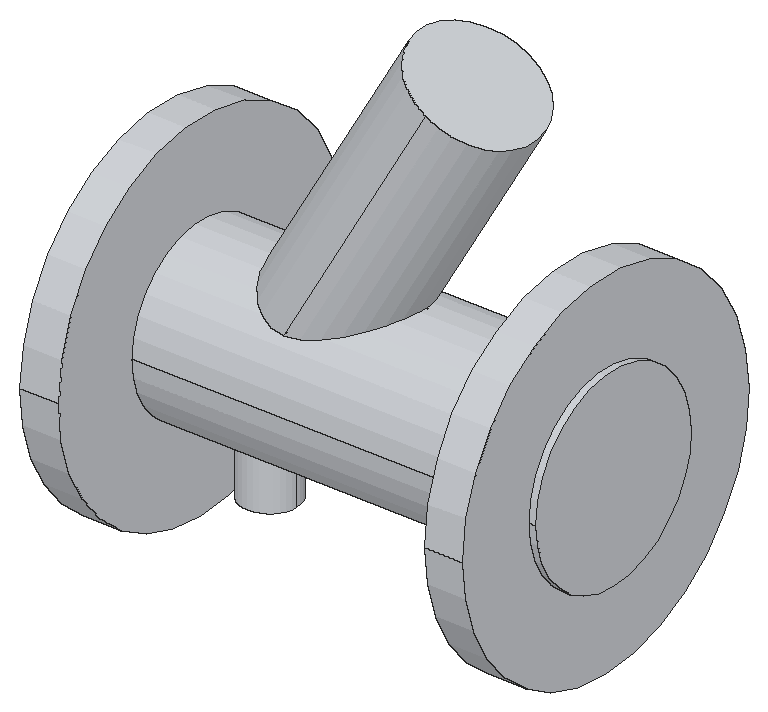
Revit family "HS 821-síto_jemné-PN25-DN032-RFA_2018", category Pipe Accessories, Revit 2018
Family settings
  Round Connector Dimension = Use Diameter
  Part Type = Breaks Into
  Work Plane-Based = No
  Always vertical = Yes
  Cut with Voids When Loaded = No
  Shared = No
Parameters (values of type "821D-DN032-PN25-síto_jemné")
  magiProductId = "6be9a55c4e68400f94eec7e804204c"
  magiProductFamilyId = "79214ac3aaa945e397802f559f5c1e"
  magiPartTypeId = 307
  isMeasuringValve [instance] = no
  ang2D [instance] = 0.00°
  ZB__ve = -ZB  # -23 mm
  ZB1 = 30.78 mm
  ZB = 23 mm
  X2 = 68.849 mm
  X1 = 25.2 mm
  W2D = 15 mm
  VersionID = "2.0/2017.9.26.1/ZETKAMA_821_001"
  Use Minimum Symbol Size [instance] = yes
  URL = "www.hydronic.cz"
  Type Comments = "Filtr přírubový; síto jemné; A-PN16 (-10~300°C); D-PN25 (-10~350°C); F-PN40 (-10~400°C)"
  S = 76 mm
  QmdConnectorList = "301;D;302;D"
  Productdata [instance] = ""
  Manufacturer = "Hydronic Systems Prague s.r.o."
  MC Product Code = "210 232 (821D; DN032; PN25; kvs23,1; oko síta 0,63mm)"
  LM1 = 14.4 mm
  LM = 144 mm
  L4 = 45 mm
  L2D_Min = 3048 mm
  L2D = 130 mm
  L2 = 90 mm
  HH2 = 119.25 mm
  FD = 140 mm
  Description = "Filtr přírubový; síto jemné; 821A-PN16; 821D-PN25; 821F-PN40"
  DM1 = 50.4 mm
  DM = 68.4 mm
  D = 32 mm
  CC = 3.06 mm
  CAT0 = yes
  C1 = 14.94 mm
  C = 18 mm
  BD = 21.546 mm
Types (40, lengths in mm): name | magiProductId | ZB__ve | ZB1 | ZB | X2 | X1 | S | MC Product Code | LM1 | LM | L4 | L2 | HH2 | FD | DM1 | DM | D | CC | C1 | C | BD
  821A-DN015-PN16-síto_jemné | "a71bcfe8b393460598b23e8ddf7dc5" | -16.25 | 18.63 | 16.25 | 46.982 | 18.2 | 46 | "210 115 (821A; DN015; PN16; kvs6,2; oko síta 0,63mm)" | 10.4 | 104 | 32.5 | 65 | 81.375 | 95 | 27.6 | 41.4 | 15 | 2.21 | 10.79 | 13 | 13.041
  821A-DN020-PN16-síto_jemné | "41cd6c7a12924f4991217528336076" | -17.75 | 22.68 | 17.75 | 51.673 | 21 | 56 | "210 120 (821A; DN020; PN16; kvs9,6; oko síta 0,63mm)" | 12 | 120 | 37.5 | 75 | 89.5 | 105 | 33.6 | 50.4 | 20 | 2.55 | 12.45 | 15 | 15.876
  821A-DN025-PN16-síto_jemné | "be378b463ed14c3abf4c9b3ae8cf3a" | -19.25 | 26.325 | 19.25 | 58.601 | 22.4 | 65 | "210 125 (821A; DN025; PN16; kvs14,2; oko síta 0,63mm)" | 12.8 | 128 | 40 | 80 | 101.5 | 115 | 43.2 | 58.5 | 25 | 2.72 | 13.28 | 16 | 18.427
  821A-DN032-PN16-síto_jemné | "227a0d18b21540afabe8b6067d35fa" | -23 | 30.78 | 23 | 68.849 | 25.2 | 76 | "210 132 (821A; DN032; PN16; kvs23,1; oko síta 0,63mm)" | 14.4 | 144 | 45 | 90 | 119.25 | 140 | 50.4 | 68.4 | 32 | 3.06 | 14.94 | 18 | 21.546
  821A-DN040-PN16-síto_jemné | "d106917c74724141a10440112d0102" | -24.5 | 34.02 | 24.5 | 75.777 | 28 | 84 | "210 140 (821A; DN040; PN16; kvs36,6; oko síta 0,63mm)" | 16 | 160 | 50 | 100 | 131.25 | 150 | 60 | 75.6 | 40 | 3.4 | 16.6 | 20 | 23.814
  821A-DN050-PN16-síto_jemné | "8255d456a09e4f6486734f5dd9171b" | -26.75 | 40.095 | 26.75 | 79.061 | 32.2 | 99 | "210 150 (821A; DN050 PN16; kvs53,7; oko síta 0,63mm)" | 18.4 | 184 | 57.5 | 115 | 136.938 | 165 | 73.8 | 89.1 | 50 | 3.91 | 19.09 | 23 | 28.066
  821A-DN065-PN16-síto_jemné | "235b1b3e4c0843779a4d5e3716d40a" | -29.75 | 47.79 | 29.75 | 86.927 | 40.6 | 118 | "210 165 (821A; DN065; PN16; kvs95,1; oko síta 0,63mm)" | 23.2 | 232 | 72.5 | 145 | 150.562 | 185 | 94.2 | 106.2 | 65 | 4.93 | 24.07 | 29 | 33.453
  821A-DN080-PN16-síto_jemné | "a067f7c5236348ed8c820d16df7214" | -32 | 53.46 | 32 | 104.753 | 43.4 | 132 | "210 180 (821A; DN080; PN16; kvs137,1; oko síta 0,63mm)" | 24.8 | 248 | 77.5 | 155 | 181.438 | 200 | 107.4 | 118.8 | 80 | 5.27 | 25.73 | 31 | 37.422
  821A-DN100-PN16-síto_jemné | "c49a648c2747461285837d643703cd" | -35 | 63.18 | 35 | 114.857 | 49 | 156 | "210 190 (821A; DN100; PN16; kvs206,4; oko síta 0,63mm)" | 28 | 280 | 87.5 | 175 | 198.937 | 220 | 131.4 | 140.4 | 100 | 5.95 | 29.05 | 35 | 44.226
  821A-DN125-PN16-síto_jemné | "bf68e728a163493cbd2a663b26ebdc" | -39.5 | 74.52 | 39.5 | 131.888 | 56 | 184 | "210 191 (821A; DN125; PN16; kvs268,8; oko síta 0,63mm)" | 32 | 320 | 100 | 200 | 228.438 | 250 | 165 | 165.6 | 125 | 6.8 | 33.2 | 40 | 52.164
  821A-DN150-PN16-síto_jemné | "2de770284b654863ae6bc865769dc5" | -44.75 | 85.455 | 44.75 | 155.885 | 67.2 | 211 | "210 192 (821A; DN150; PN16; kvs401,4; oko síta 0,63mm)" | 38.4 | 384 | 120 | 240 | 270 | 285 | 192 | 189.9 | 150 | 8.16 | 39.84 | 48 | 59.818
  821A-DN200-PN16-síto_jemné | "8e5693371ab64aabb29a7f08c76e15" | -53 | 107.73 | 53 | 188.361 | 84 | 266 | "210 193 (821A; DN200; PN16; kvs706,7; oko síta 0,63mm)" | 48 | 480 | 150 | 300 | 326.25 | 340 | 252 | 239.4 | 200 | 10.2 | 49.8 | 60 | 75.411
  821A-DN250-PN16-síto_jemné | "05e37ed948c34047acdd4c42556504" | -62.75 | 129.195 | 62.75 | 255.911 | 102.2 | 319 | "210 194 (821A; DN250; PN16; kvs1229,4; oko síta 0,63mm)" | 58.4 | 584 | 182.5 | 365 | 443.25 | 405 | 309.6 | 287.1 | 250 | 12.41 | 60.59 | 73 | 90.436
  821A-DN300-PN16-síto_jemné | "9ad0af747269428da925480d83ce80" | -71 | 149.85 | 71 | 325.914 | 119 | 370 | "210 195 (821A; DN300; PN16; kvs1902,4; oko síta 0,63mm)" | 68 | 680 | 212.5 | 425 | 564.5 | 460 | 369.6 | 333 | 300 | 14.45 | 70.55 | 85 | 104.895
  821A-DN350-PN16-síto_jemné | "eebc71459bb3451bb4355e7951370a" | -80 | 173.745 | 80 | 356.875 | 137.2 | 429 | "200 196 (821A; DN350; PN16; kvs2611,0; oko síta 0,63mm)" | 78.4 | 784 | 245 | 490 | 618.125 | 520 | 438 | 386.1 | 350 | 16.66 | 81.34 | 98 | 121.621
  821A-DN400-PN16-síto_jemné | "d2f677cb196647e385b2590e7d8abe" | -89 | 194.4 | 89 | 392.237 | 154 | 480 | "210 197 (821A; DN400; PN16; kvs3438,4; oko síta 0,63mm)" | 88 | 880 | 275 | 550 | 679.375 | 580 | 498 | 432 | 400 | 18.7 | 91.3 | 110 | 136.08
  821D-DN015-PN25-síto_jemné | "27ddcbf555414f8ca1fde329bf9087" | -16.25 | 18.63 | 16.25 | 46.982 | 18.2 | 46 | "210 215 (821D; DN015; PN25; kvs6,2; oko síta 0,63mm)" | 10.4 | 104 | 32.5 | 65 | 81.375 | 95 | 27.6 | 41.4 | 15 | 2.21 | 10.79 | 13 | 13.041
  821D-DN020-PN25-síto_jemné | "270e0f14012f47189cd0235c18faee" | -17.75 | 22.68 | 17.75 | 51.673 | 21 | 56 | "210 220 (821D; DN020; PN25; kvs9,6; oko síta 0,63mm)" | 12 | 120 | 37.5 | 75 | 89.5 | 105 | 33.6 | 50.4 | 20 | 2.55 | 12.45 | 15 | 15.876
  821D-DN025-PN25-síto_jemné | "b9a7fb4aa36643878c637d8e1ab992" | -19.25 | 26.325 | 19.25 | 58.601 | 22.4 | 65 | "210 225 (821D; DN025; PN25; kvs14,2; oko síta 0,63mm)" | 12.8 | 128 | 40 | 80 | 101.5 | 115 | 43.2 | 58.5 | 25 | 2.72 | 13.28 | 16 | 18.427
  821D-DN032-PN25-síto_jemné | "6be9a55c4e68400f94eec7e804204c" | -23 | 30.78 | 23 | 68.849 | 25.2 | 76 | "210 232 (821D; DN032; PN25; kvs23,1; oko síta 0,63mm)" | 14.4 | 144 | 45 | 90 | 119.25 | 140 | 50.4 | 68.4 | 32 | 3.06 | 14.94 | 18 | 21.546
  821D-DN040-PN25-síto_jemné | "c54511bd7f584ec2984291479612cb" | -24.5 | 34.02 | 24.5 | 75.777 | 28 | 84 | "210 240 (821D; DN040; PN25; kvs36,6; oko síta 0,63mm)" | 16 | 160 | 50 | 100 | 131.25 | 150 | 60 | 75.6 | 40 | 3.4 | 16.6 | 20 | 23.814
  821D-DN050-PN25-síto_jemné | "5483b1f596b04cd39b23a14a22c90e" | -26.75 | 40.095 | 26.75 | 79.061 | 32.2 | 99 | "210 250 (821D; DN050; PN25; kvs53,7; oko síta 0,63mm)" | 18.4 | 184 | 57.5 | 115 | 136.938 | 165 | 73.8 | 89.1 | 50 | 3.91 | 19.09 | 23 | 28.066
  821D-DN065-PN25-síto_jemné | "767b0f8318e94750bc7a9930ed5b30" | -29.75 | 47.79 | 29.75 | 86.927 | 40.6 | 118 | "210 265 (821D; DN065; PN25; kvs95,1; oko síta 0,63mm)" | 23.2 | 232 | 72.5 | 145 | 150.562 | 185 | 94.2 | 106.2 | 65 | 4.93 | 24.07 | 29 | 33.453
  821D-DN080-PN25-síto_jemné | "e21040fa3cc2404b858198f6b73709" | -32 | 53.46 | 32 | 104.753 | 43.4 | 132 | "210 280 (821D; DN080; PN25; kvs137,1; oko síta 0,63mm)" | 24.8 | 248 | 77.5 | 155 | 181.438 | 200 | 107.4 | 118.8 | 80 | 5.27 | 25.73 | 31 | 37.422
  821D-DN100-PN25-síto_jemné | "175ca87a506b40b3bc6b82f12f33cf" | -37.25 | 63.18 | 37.25 | 114.857 | 49 | 156 | "210 290 (821D; DN100; PN25; kvs206,4; oko síta 0,63mm)" | 28 | 280 | 87.5 | 175 | 198.937 | 235 | 131.4 | 140.4 | 100 | 5.95 | 29.05 | 35 | 44.226
  821D-DN125-PN25-síto_jemné | "77cc98d60da24855999a22dff726b2" | -42.5 | 74.52 | 42.5 | 131.888 | 56 | 184 | "210 291 (821D; DN125; PN25; kvs268,8; oko síta 0,63mm)" | 32 | 320 | 100 | 200 | 228.438 | 270 | 165 | 165.6 | 125 | 6.8 | 33.2 | 40 | 52.164
  821D-DN150-PN25-síto_jemné | "9cf8acfcd15547d68e83172d3abcbe" | -47 | 85.455 | 47 | 155.885 | 67.2 | 211 | "210 292 (821D; DN150; PN25; kvs401,4; oko síta 0,63mm)" | 38.4 | 384 | 120 | 240 | 270 | 300 | 192 | 189.9 | 150 | 8.16 | 39.84 | 48 | 59.818
  821D-DN200-PN25-síto_jemné | "16973f3c9ea14389ba8602495a6b64" | -56 | 110.97 | 56 | 188.361 | 84 | 274 | "210 293 (821D; DN200; PN25; kvs706,7; oko síta 0,63mm)" | 48 | 480 | 150 | 300 | 326.25 | 360 | 252 | 246.6 | 200 | 10.2 | 49.8 | 60 | 77.679
  821F-DN015-PN40-síto_jemné | "4c7eaf3c4c0340888b3e684d8a8616" | -16.25 | 18.225 | 16.25 | 46.982 | 18.2 | 45 | "250 615 (821F; DN015; PN40; kvs6,2; oko síta 0,63mm)" | 10.4 | 104 | 32.5 | 65 | 81.375 | 95 | 27.6 | 40.5 | 15 | 2.21 | 10.79 | 13 | 12.757
  821F-DN020-PN40-síto_jemné | "aaac5f1ec96b44d6ba96ac2293d66d" | -17.75 | 23.49 | 17.75 | 51.673 | 21 | 58 | "250 620 (821F; DN020; PN40; kvs9,6; oko síta 0,63mm)" | 12 | 120 | 37.5 | 75 | 89.5 | 105 | 33.6 | 52.2 | 20 | 2.55 | 12.45 | 15 | 16.443
  821F-DN025-PN40-síto_jemné | "504768023968471481789485b54c7e" | -19.25 | 27.54 | 19.25 | 58.601 | 22.4 | 68 | "250 625 (821F; DN025; PN40; kvs14,2; oko síta 0,63mm)" | 12.8 | 128 | 40 | 80 | 101.5 | 115 | 43.2 | 61.2 | 25 | 2.72 | 13.28 | 16 | 19.278
  821F-DN032-PN40-síto_jemné | "165e7f39cf744f329bdf1c400dad12" | -23 | 31.59 | 23 | 68.849 | 25.2 | 78 | "250 632 (821F; DN032; PN40; kvs23,1; oko síta 0,63mm)" | 14.4 | 144 | 45 | 90 | 119.25 | 140 | 50.4 | 70.2 | 32 | 3.06 | 14.94 | 18 | 22.113
  821F-DN040-PN40-síto_jemné | "b8903f952089408fbf3a5a632bab1f" | -24.5 | 35.64 | 24.5 | 75.777 | 28 | 88 | "250 640 (821F; DN040; PN40; kvs36,6; oko síta 0,63mm)" | 16 | 160 | 50 | 100 | 131.25 | 150 | 60 | 79.2 | 40 | 3.4 | 16.6 | 20 | 24.948
  821F-DN050-PN40-síto_jemné | "c451f97266fe48da8f879cb6a2bd44" | -26.75 | 41.31 | 26.75 | 79.061 | 32.2 | 102 | "250 650 (821F; DN050; PN40; kvs53,7; oko síta 0,63mm)" | 18.4 | 184 | 57.5 | 115 | 136.938 | 165 | 73.8 | 91.8 | 50 | 3.91 | 19.09 | 23 | 28.917
  821F-DN065-PN40-síto_jemné | "dc9821e3f9b34e128f6a8c6b34c198" | -29.75 | 49.41 | 29.75 | 86.927 | 40.6 | 122 | "250 665 (821F; DN065; PN40; kvs95,1; oko síta 0,63mm)" | 23.2 | 232 | 72.5 | 145 | 150.562 | 185 | 94.2 | 109.8 | 65 | 4.93 | 24.07 | 29 | 34.587
  821F-DN080-PN40-síto_jemné | "689aa1e260f84cf4994f027a1d86b5" | -32 | 55.89 | 32 | 104.753 | 43.4 | 138 | "250 680 (821F; DN080; PN40; kvs137,1; oko síta 0,63mm)" | 24.8 | 248 | 77.5 | 155 | 181.438 | 200 | 107.4 | 124.2 | 80 | 5.27 | 25.73 | 31 | 39.123
  821F-DN100-PN40-síto_jemné | "8a45d4e8e2ab425f8c432f21d684f3" | -37.25 | 65.61 | 37.25 | 114.857 | 49 | 162 | "250 690 (821F; DN100; PN40; kvs206,4; oko síta 0,63mm)" | 28 | 280 | 87.5 | 175 | 198.937 | 235 | 131.4 | 145.8 | 100 | 5.95 | 29.05 | 35 | 45.927
  821F-DN125-PN40-síto_jemné | "cf073904c006406b8645afa67ea2fc" | -42.5 | 76.14 | 42.5 | 131.888 | 56 | 188 | "250 691 (821F; DN125; PN40; kvs268,8; oko síta 0,63mm)" | 32 | 320 | 100 | 200 | 228.438 | 270 | 165 | 169.2 | 125 | 6.8 | 33.2 | 40 | 53.298
  821F-DN150-PN40-síto_jemné | "0153b9ddabe14992a630484929fdbc" | -47 | 88.29 | 47 | 155.885 | 67.2 | 218 | "250 692 (821F; DN150; PN40; kvs401,4; oko síta 0,63mm)" | 38.4 | 384 | 120 | 240 | 270 | 300 | 192 | 196.2 | 150 | 8.16 | 39.84 | 48 | 61.803
  821F-DN200-PN40-síto_jemné | "7fb3fc01dd8d42428c203e3f8dd4d5" | -56 | 115.425 | 56 | 188.361 | 84 | 285 | "250 693 (821F; DN200; PN40; kvs706,7; oko síta 0,63mm)" | 48 | 480 | 150 | 300 | 326.25 | 360 | 252 | 256.5 | 200 | 10.2 | 49.8 | 60 | 80.797
Reference planes
  plane 1 "Center (Front/Back)": y = 0
  plane 2 "XYPLANE": z = 0
  plane 3 "Center (Left/Right)": x = 0
  plane 4 "109": x = -57.6
  plane 5 "108": x = 72
  plane 6 "107": x = -72
  plane 7 "105": x = 90
  plane 8 "104": x = -90
  plane 9 "103": y = 0
  plane 10 "102": z = 0
  plane 11 "101": x = -86.94
  plane 12 "100": x = 86.94
  plane 13 "11": x = -32.4
  plane 14 "10": z = 119.25
  plane 15 "9": x = 36.449
  plane 16 "5": z = -30.78
  plane 17 "4": x = -45
  plane 18 "1": x = 45
Forms (mm)
  Extrusion 1, solid, visible <- "CAT0"
    sketch origin (-72, -750, 0) x (0, 1, 0) y (0, 0, 1)
      loop
        circle (750, 0) r 34.2
    from 0 to 144 <- "LM"
  Extrusion 2, solid
    sketch origin (-90, -750, 0) x (0, 1, 0) y (0, 0, 1)
      loop
        circle (750, 0) r 38
    from 0 to 3.06 <- "CC"
  Extrusion 3, solid
    sketch origin (-86.94, -750, 0) x (0, 1, 0) y (0, 0, 1)
      loop
        circle (750, 0) r 70
    from 0 to 14.94 <- "C1"
  Extrusion 4, solid
    sketch origin (72, -750, 0) x (0, 1, 0) y (0, 0, 1)
      loop
        circle (750, 0) r 70
    from 0 to 14.94 <- "C1"
  Extrusion 5, solid
    sketch origin (86.94, -750, 0) x (0, 1, 0) y (0, 0, 1)
      loop
        circle (750, 0) r 38
    from 0 to 3.06 <- "CC"
  Sweep 6, solid, visible <- "CAT0"
    path origin (750, 0, 0) x (-1, 0, 0) y (0, 0, 1)
      loop
        line (822, 0) -> (782.4, 0) -> (713.551, 119.25)
    profile origin (-72, 0, 0) x (0, 0, -1) y (0, 1, 0)
      loop
        circle (0, 0) r 25.2
  Extrusion 7, solid, visible <- "CAT0"
    sketch origin (-750, 0, -30.78) x (1, 0, 0) y (0, 1, 0)
      loop
        circle (705, 0) r 10.773
    from 0 to -23 <- "ZB__ve"
  Extrusion 8, solid, visible <- "CAT0"
    sketch origin (-750, 0, -30.78) x (1, 0, 0) y (0, 1, 0)
      loop
        circle (795, 0) r 10.773
    from 0 to -23 <- "ZB__ve"
  Extrusion 9, solid, not visible
    sketch origin (90, -750, 0) x (0, 1, 0) y (0, 0, 1)
      loop
        circle (750, 0) r 10
    from 0 to -10
  Extrusion 10, solid, not visible
    sketch origin (-90, -750, 0) x (0, 1, 0) y (0, 0, 1)
      loop
        circle (750, 0) r 10
    from 0 to 10
Lines and regions (mm)
  reference lines, not visible
    curve 1: circle (2, 2, 0) r 1 normal (0, 0, 1)
Dimensions and locks
  plane 1 "Center (Front/Back)" to curve 1 = 2 mm
  "LM1": plane 6 "107" to plane 4 "109"
  "LM": plane 6 "107" to plane 5 "108"
  "C": plane 8 "104" to plane 6 "107"
  "L2": plane 3 "Center (Left/Right)" to plane 7 "105"
  "L2": plane 3 "Center (Left/Right)" to plane 8 "104"
  locked: plane 1 "Center (Front/Back)" to plane 9 "103"
  locked: plane 2 "XYPLANE" to plane 10 "102"
  "CC": plane 8 "104" to plane 11 "101"
  "C1": plane 5 "108" to plane 12 "100"
  "X1": plane 4 "109" to plane 13 "11"
  "HH2": plane 2 "XYPLANE" to plane 14 "10"
  "X2": plane 13 "11" to plane 15 "9"
  "ZB1": plane 2 "XYPLANE" to plane 16 "5"
  "L4": plane 8 "104" to plane 17 "4"
  "L2": plane 17 "4" to plane 18 "1"
  Sweep 6 sketch curve to Sweep 6 sketch curve = 0 mm  (x2)
  "DM": diameter of Extrusion 1 sketch curve
  "S": diameter of Extrusion 2 sketch curve
  "FD": diameter of Extrusion 3 sketch curve
  "FD": diameter of Extrusion 4 sketch curve
  "S": diameter of Extrusion 5 sketch curve
  "DM1": diameter of Sweep 6 sketch curve
  "BD": diameter of Extrusion 7 sketch curve
  "BD": diameter of Extrusion 8 sketch curve
  aligned and locked: level to plane 2 "XYPLANE"
  aligned and locked: Extrusion 1 sketch curve to plane 9 "103"
  aligned and locked: plane 10 "102" to Extrusion 1 sketch curve
  aligned and locked: Extrusion 2 sketch curve to plane 9 "103"
  aligned and locked: plane 10 "102" to Extrusion 2 sketch curve
  aligned and locked: Extrusion 3 sketch curve to plane 9 "103"
  aligned and locked: plane 10 "102" to Extrusion 3 sketch curve
  aligned and locked: Extrusion 4 sketch curve to plane 9 "103"
  aligned and locked: plane 10 "102" to Extrusion 4 sketch curve
  aligned and locked: Extrusion 5 sketch curve to plane 9 "103"
  aligned and locked: plane 10 "102" to Extrusion 5 sketch curve
  aligned and locked: Sweep 6 sketch curve to plane 9 "103"
  aligned and locked: plane 10 "102" to Sweep 6 sketch curve  (x3)
  aligned and locked: plane 6 "107" to Sweep 6 sketch curve
  aligned and locked: plane 13 "11" to Sweep 6 sketch curve
  aligned and locked: plane 14 "10" to Sweep 6 sketch curve
  aligned and locked: plane 15 "9" to Sweep 6 sketch curve
  aligned and locked: plane 9 "103" to Extrusion 7 sketch curve
  aligned and locked: plane 17 "4" to Extrusion 7 sketch curve
  aligned and locked: plane 9 "103" to Extrusion 8 sketch curve
  aligned and locked: plane 18 "1" to Extrusion 8 sketch curve
  aligned and locked: Extrusion 9 sketch curve to plane 9 "103"
  aligned and locked: plane 10 "102" to Extrusion 9 sketch curve
  aligned and locked: Extrusion 10 sketch curve to plane 9 "103"
  aligned and locked: plane 10 "102" to Extrusion 10 sketch curve
Automatic sketch dimensions
  plane 1 "Center (Front/Back)" to Extrusion 9 sketch curve = 10 mm
  plane 1 "Center (Front/Back)" to Extrusion 10 sketch curve = 10 mm
  plane 3 "Center (Left/Right)" to curve 1 = 2 mm
  radius of curve 1 = 1 mm
Connectors
  piping at (-90, 0, 0), diameter 32, driven by "D"
    settings: on Extrusion 10, index 1, connector inside diameter 609.6 mm, connector length 0 mm, flow factor 0, pipe flow 0.0 L/s, pressure drop 0.0 Pa, fitting loss kfactor 0, connector angle 0.00°, fixture units 0, engagement length 0 mm, angle of deflection 0.00°, flow configuration 0, flow direction 0, fitting loss method 0, system type 29, joint type 0, gender type 0, connector reference index 2, connector utility 0, adjustable connector no, is connector primary yes, connector description ""
  piping at (90, 0, 0), diameter 32, driven by "D"
    settings: on Extrusion 9, index 2, connector inside diameter 609.6 mm, connector length 0 mm, flow factor 0, pipe flow 0.0 L/s, pressure drop 0.0 Pa, fitting loss kfactor 0, connector angle 0.00°, fixture units 0, engagement length 0 mm, angle of deflection 0.00°, flow configuration 0, flow direction 0, fitting loss method 0, system type 29, joint type 0, gender type 0, connector reference index 1, connector utility 0, adjustable connector no, is connector primary no, connector description ""
